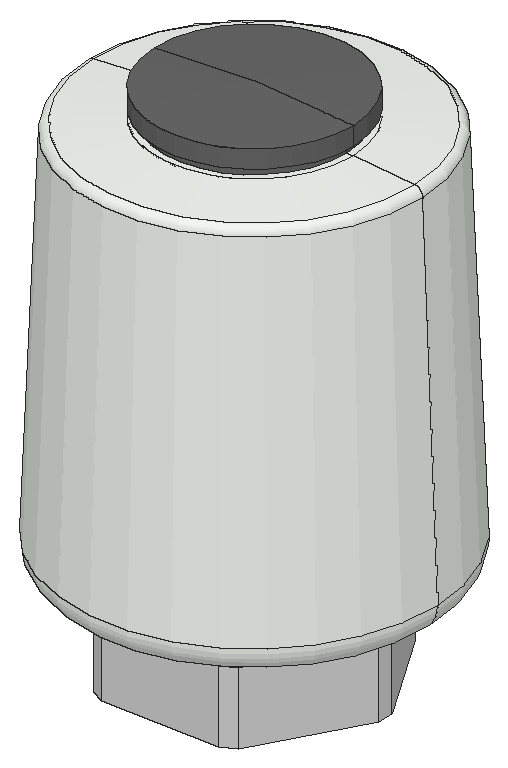
Revit family "РИДАН_Термоэлектрические приводы TWA-KR", category Оборудование, Revit 2019
Family settings
  Размер круглого соединителя = Использовать диаметр
  Классификация = Нет
  Тип детали = Нормальный
  На основе рабочей плоскости = Нет
  Всегда вертикально = Да
  При загрузке вырезать с полостями = Нет
  Общий = Нет
  Точка расчета площади = Нет
Parameters (values of type "TWA-KR привод, 230V, NC")
  Контакты_Производитель = "info@ridan.ru"  # constant formula
  ADSK_Полная мощность = 2 VA  # constant formula
  ADSK_Напряжение = 24 V  # constant formula
  ADSK_Наименование = "TWA-KR привод, 230V, NC норм. закрытый, соединение М30х1.5"
  ADSK_Масса_Текст = ""
  ADSK_Масса = 0
  ADSK_Марка = "TWA-KR, 230V, NC"
  ADSK_Коэффициент мощности = 1  # constant formula
  ADSK_Количество = 1  # constant formula
  ADSK_Код изделия = "088H3142R"
  ADSK_Классификация нагрузок = Прочее
  ADSK_Завод-изготовитель = "ООО «Ридан-Трейд»"  # constant formula
  ADSK_Единица измерения = "шт."
  ADSK_Версия семейства = "1.0"  # constant formula
  ADSK_Версия Revit = "2019"  # constant formula
Types (3, lengths in mm): name | ADSK_Наименование | ADSK_Марка | ADSK_Код изделия
  (no name) | "TWA-KR привод, 230V, NC норм. закрытый, соединение М30х1.5" | "TWA-KR, 230V, NC" | "088H3142R"
  TWA-KR привод, 230V, NC | "TWA-KR привод, 230V, NC норм. закрытый, соединение М30х1.5" | "TWA-KR, 230V, NC" | "088H3142R"
  TWA-KR привод, 230V, NO | "TWA-KR привод, 230V, NO норм. открытый, соединение М30х1.5" | "TWA-KR, 230V, NO" | "088H3143R"
Reference planes
  plane 1 "По центру (Вперед/Назад)": y = 0
  plane 2: z = 0
  plane 3 "По центру (Влево/Вправо)": x = 0
Forms (mm)
  Revolve 1, solid, material "TWA-KR_Корпус", detail levels fine
    sketch origin (0, 0, 0) x (1, 0, 0) y (0, 0, 1)
      loop
        arc (-11, 54.449) -> (-14.412, 54.321) -> (-17.806, 53.937) r 45.555
        arc (-17.806, 53.937) -> (-18.401, 53.616) -> (-18.655, 52.989) r 1
        line (-18.655, 52.989) -> (-20.248, 13.105)
        arc (-20.248, 13.105) -> (-19.408, 10.916) -> (-17.25, 10) r 3
        line (-17.25, 10) -> (-13, 10)
        arc (-13, 10) -> (-11.586, 9.414) -> (-11, 8) r 2
        line (-11, 8) -> (0, 8) -> (0, 54.449) -> (-11, 54.449)
      axis (0, 54.449) -> (0, 8)
    angle from 0 to 360
  Revolve 2, solid, material "TWA-KR_Черный", detail levels fine
    sketch origin (0, 0, 0) x (1, 0, 0) y (0, 0, 1)
      loop
        line (-11, 57.449) -> (-11, 55.449) -> (-10.2, 55.449) -> (-10.2, 54.449) -> (0, 54.449) -> (0, 58)
        arc (0, 58) -> (-5.507, 57.862) -> (-11, 57.449) r 110
      axis (0, 58) -> (0, 54.449)
    angle from 0 to 360
  Extrusion 3, solid, material "TWA-KR_Гайка", detail levels fine
    sketch origin (0, 0, 0) x (1, 0, 0) y (0, 1, 0)
      loop
        line (-6.506, 13.009) -> (-8.006, 12.143) -> (-14.511, 0.875) -> (-14.511, -0.857) -> (-8.006, -12.125) -> (-6.506, -12.991) -> (6.506, -12.991) -> (8.006, -12.125) -> (14.511, -0.857) -> (14.511, 0.875) -> (8.006, 12.143) -> (6.506, 13.009) -> (-6.506, 13.009)
    from 0 to 8
Dimensions and locks
  aligned and locked: level to plane 2
Connectors
  electrical at (0, 0, 0), driven by "ADSK_Напряжение", driven by "ADSK_Полная мощность", driven by "ADSK_Коэффициент мощности", driven by "ADSK_Классификация нагрузок"
    settings: index 1, voltage 24 V, apparent load 2 VA, apparent load phase1 0 VA, apparent load phase2 0 VA, apparent load phase3 0 VA, power factor 1, load classification "Прочее", number of poles 1, system type 30, power factor state 1, is connector primary yes, connector utility no, sub classification motor no, connector description ""
